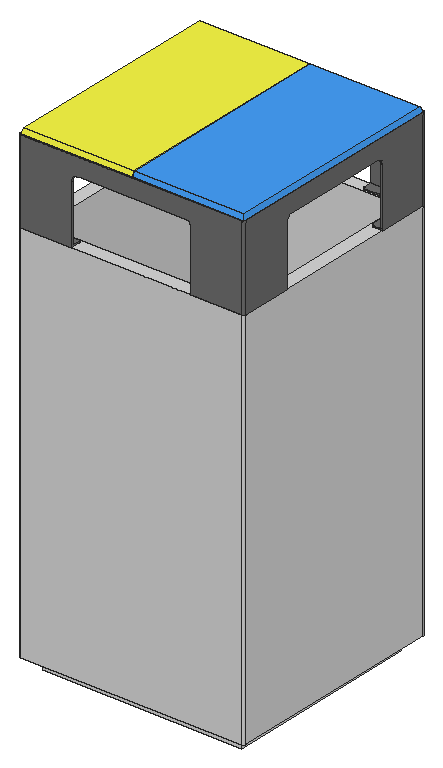
Revit family "Papelera Kube Selectif", category Furniture, Revit 2020
Family settings
  OmniClass Number = 23.40.20.00
  OmniClass Title = General Furniture and Specialties
  Work Plane-Based = No
  Always vertical = Yes
  Cut with Voids When Loaded = No
  Shared = No
  Room Calculation Point = No
Parameters (values of type "Papelera Kube Selectif-PA672S2-510mm")
  URL Producto = ""
  Top Cover = Steel PA672SAZ
  Referencia = ""
  Papelera Kube Selectif-PA672S3 = no
  Papelera Kube Selectif-PA672S2 = yes
  Papelera Kube Selctif = no
  Material = none
  H = 0.000 m
  Ficha Tecnica = ""
  Fabricante = ""
  Default Elevation = 0.000 m
  B = 0.000 m
  A = 0.000 m
Types (6, lengths in m): name | Top Cover | Papelera Kube Selectif-PA672S3 | Papelera Kube Selectif-PA672S2 | Papelera Kube Selctif | H | B | A
  Papelera Kube Selectif-PA672SV-510mm | Steel PA672SV | no | no | yes | 1.100 | 0.510 | 0.510
  Papelera Kube Selectif-PA672SM-510mm | Steel PA672SM | no | no | yes | 0.000 | 0.000 | 0.000
  Papelera Kube Selectif-PA672SAZ-510mm | Steel PA672SAZ | no | no | yes | 0.000 | 0.000 | 0.000
  Papelera Kube Selectif-PA672SA-510mm | Steel PA672SA | no | no | yes | 0.000 | 0.000 | 0.000
  Papelera Kube Selectif-PA672S2-510mm | Steel PA672SAZ | no | yes | no | 0.000 | 0.000 | 0.000
  Papelera Kube Selectif-PA672S3-510mm | Steel PA672SAZ | yes | no | no | 0.000 | 0.000 | 0.000
Reference planes (m)
  plane 1 "Center (Front/Back)": y = 0
  plane 2: z = 0
  plane 3 "Center (Left/Right)": x = 0
Dimensions and locks (m)
  aligned and locked: level to plane 2
Nested families (m)
  nested 1: "Papelera Kube Selctif-PA672SV" at (0, 0, 0), visible <- "Papelera Kube Selctif", type "Papelera Kube Selctif-PA672SV"
  nested 2: "Papelera Kube Selctif-PA672S2" at (0, 0, 0), visible <- "Papelera Kube Selectif-PA672S2", type "Papelera Kube Selctif-PA672S2"
  nested 3: "Papelera Kube Selctif-PA672S3" at (0, 0, 0) x (-1, 0, 0) z (0, 0, 1), visible <- "Papelera Kube Selectif-PA672S3", type "Papelera Kube Selctif-PA672S3"
Definition of nested family "Papelera Kube Selctif-PA672SV"
  Parameters (values of type "Papelera Kube Selctif-PA672SV")
    Top Cover = none
    Default Elevation = 0.000 m
  Reference planes (m)
    plane 1 "Center (Front/Back)": y = 0
    plane 2: z = 0
    plane 3 "Center (Left/Right)": x = 0
    plane 4: z = 0.03
    plane 5: z = 1.1
    plane 6: z = 0.9
    plane 7: y = 0.255
    plane 8: y = 0.135
    plane 9: x = -0.255
    plane 10: x = -0.135
    plane 11: y = 0.255
    plane 12: y = 0.135
    plane 13: x = 0.255
    plane 14: x = 0.135
    plane 15: y = -0.255
    plane 16: y = -0.135
    plane 17: x = -0.255
    plane 18: x = -0.135
    plane 19: y = -0.255
    plane 20: y = -0.135
    plane 21: x = 0.255
    plane 22: x = 0.135
  Forms (m)
    Extrusion 1, solid
      sketch origin (1.109556, -0.573747, 0) x (1, 0, 0) y (0, 1, 0)
        loop
          arc (-1.359556, 0.828747) -> (-1.363091, 0.827282) -> (-1.364556, 0.823747) r 0.005
          line (-1.364556, 0.823747) -> (-1.364556, 0.323747)
          arc (-1.364556, 0.323747) -> (-1.363091, 0.320211) -> (-1.359556, 0.318747) r 0.005
          line (-1.359556, 0.318747) -> (-0.859556, 0.318747)
          arc (-0.859556, 0.318747) -> (-0.85602, 0.320211) -> (-0.854556, 0.323747) r 0.005
          line (-0.854556, 0.323747) -> (-0.854556, 0.823747)
          arc (-0.854556, 0.823747) -> (-0.85602, 0.827282) -> (-0.859556, 0.828747) r 0.005
          line (-0.859556, 0.828747) -> (-1.359556, 0.828747)
        loop
          line (-1.334556, 0.798747) -> (-1.334556, 0.348747) -> (-0.884556, 0.348747) -> (-0.884556, 0.798747) -> (-1.334556, 0.798747)
      from 0.03 to 0.9
    Extrusion 2, solid
      sketch origin (0, 0, 0) x (1, 0, 0) y (0, 1, 0)
        loop
          line (-0.225, 0.225) -> (-0.225, -0.225) -> (0.225, -0.225) -> (0.225, 0.225) -> (-0.225, 0.225)
      from 0 to 0.03
    Extrusion 3, solid, material <- "Top Cover"
      sketch origin (0, 0, 0.001) x (1, 0, 0) y (0, 1, 0)
        loop
          line (-0.135, 0.255) -> (-0.25, 0.255)
          arc (-0.25, 0.255) -> (-0.253536, 0.253536) -> (-0.255, 0.25) r 0.005
          line (-0.255, 0.25) -> (-0.255, 0.135) -> (-0.235, 0.135)
          arc (-0.235, 0.135) -> (-0.231464, 0.136464) -> (-0.23, 0.14) r 0.005
          line (-0.23, 0.14) -> (-0.23, 0.225)
          arc (-0.23, 0.225) -> (-0.228536, 0.228536) -> (-0.225, 0.23) r 0.005
          line (-0.225, 0.23) -> (-0.14, 0.23)
          arc (-0.14, 0.23) -> (-0.136464, 0.231464) -> (-0.135, 0.235) r 0.005
          line (-0.135, 0.235) -> (-0.135, 0.255)
      from 0.9 to 0.903
    Blend 4, solid, material <- "Top Cover"
      base sketch origin (0, 0, 0) x (1, 0, 0) y (0, 1, 0)
        loop
          arc (0.25, -0.255) -> (0.253536, -0.253536) -> (0.255, -0.25) r 0.005
          line (0.255, -0.25) -> (0.255, 0.25)
          arc (0.255, 0.25) -> (0.253536, 0.253536) -> (0.25, 0.255) r 0.005
          line (0.25, 0.255) -> (-0.25, 0.255)
          arc (-0.25, 0.255) -> (-0.253536, 0.253536) -> (-0.255, 0.25) r 0.005
          line (-0.255, 0.25) -> (-0.255, -0.25)
          arc (-0.255, -0.25) -> (-0.253536, -0.253536) -> (-0.25, -0.255) r 0.005
          line (-0.25, -0.255) -> (0.25, -0.255)
      top sketch origin (0, 0, 0) x (1, 0, 0) y (0, 1, 0)
        loop
          arc (-0.25, -0.245) -> (-0.248536, -0.248536) -> (-0.245, -0.25) r 0.005
          line (-0.245, -0.25) -> (0.245, -0.25)
          arc (0.245, -0.25) -> (0.248536, -0.248536) -> (0.25, -0.245) r 0.005
          line (0.25, -0.245) -> (0.25, 0.245)
          arc (0.25, 0.245) -> (0.248536, 0.248536) -> (0.245, 0.25) r 0.005
          line (0.245, 0.25) -> (-0.245, 0.25)
          arc (-0.245, 0.25) -> (-0.248536, 0.248536) -> (-0.25, 0.245) r 0.005
          line (-0.25, 0.245) -> (-0.25, -0.245)
      from 1.089413 to 1.1
    Extrusion 5, solid, material <- "Top Cover"
      sketch origin (0, 0, 0) x (1, 0, 0) y (0, 1, 0)
        loop
          line (0.25, 0.255) -> (-0.25, 0.255)
          arc (-0.25, 0.255) -> (-0.253536, 0.253536) -> (-0.255, 0.25) r 0.005
          line (-0.255, 0.25) -> (-0.255, -0.25)
          arc (-0.255, -0.25) -> (-0.253536, -0.253536) -> (-0.25, -0.255) r 0.005
          line (-0.25, -0.255) -> (0.25, -0.255)
          arc (0.25, -0.255) -> (0.253536, -0.253536) -> (0.255, -0.25) r 0.005
          line (0.255, -0.25) -> (0.255, 0.25)
          arc (0.255, 0.25) -> (0.253536, 0.253536) -> (0.25, 0.255) r 0.005
        loop
          arc (0.25, -0.252) -> (0.251414, -0.251414) -> (0.252, -0.25) r 0.002
          line (0.252, -0.25) -> (0.252, 0.25)
          arc (0.252, 0.25) -> (0.251414, 0.251414) -> (0.25, 0.252) r 0.002
          line (0.25, 0.252) -> (-0.25, 0.252)
          arc (-0.25, 0.252) -> (-0.251414, 0.251414) -> (-0.252, 0.25) r 0.002
          line (-0.252, 0.25) -> (-0.252, -0.25)
          arc (-0.252, -0.25) -> (-0.251414, -0.251414) -> (-0.25, -0.252) r 0.002
          line (-0.25, -0.252) -> (0.25, -0.252)
      from 0.9 to 1.089413
    Extrusion 6, void
      sketch origin (0, 0, 0) x (1, 0, 0) y (0, 0, 1)
        loop
          arc (-0.12, 1.049413) -> (-0.130607, 1.04502) -> (-0.135, 1.034413) r 0.015
          line (-0.135, 1.034413) -> (-0.135, 0.9) -> (0.135, 0.9) -> (0.135, 1.034413)
          arc (0.135, 1.034413) -> (0.130607, 1.04502) -> (0.12, 1.049413) r 0.015
          line (0.12, 1.049413) -> (0, 1.049413) -> (-0.12, 1.049413)
      from -0.256796 to -0.247598
    Extrusion 7, void
      sketch origin (0, 0, 0) x (0, 1, 0) y (0, 0, 1)
        loop
          arc (-0.12, 1.049413) -> (-0.130607, 1.04502) -> (-0.135, 1.034413) r 0.015
          line (-0.135, 1.034413) -> (-0.135, 0.9) -> (0.135, 0.9) -> (0.135, 1.034413)
          arc (0.135, 1.034413) -> (0.130607, 1.04502) -> (0.12, 1.049413) r 0.015
          line (0.12, 1.049413) -> (0, 1.049413) -> (-0.12, 1.049413)
      from 0.250247 to 0.256583
    Extrusion 8, solid, material <- "Top Cover"
      sketch origin (0, 0, 0.001) x (-1, 0, 0) y (0, -1, 0)
        loop
          line (-0.135, -0.255) -> (-0.135, -0.235)
          arc (-0.135, -0.235) -> (-0.136464, -0.231464) -> (-0.14, -0.23) r 0.005
          line (-0.14, -0.23) -> (-0.225, -0.23)
          arc (-0.225, -0.23) -> (-0.228536, -0.228536) -> (-0.23, -0.225) r 0.005
          line (-0.23, -0.225) -> (-0.23, -0.14)
          arc (-0.23, -0.14) -> (-0.231464, -0.136464) -> (-0.235, -0.135) r 0.005
          line (-0.235, -0.135) -> (-0.255, -0.135) -> (-0.255, -0.25)
          arc (-0.255, -0.25) -> (-0.253536, -0.253536) -> (-0.25, -0.255) r 0.005
          line (-0.25, -0.255) -> (-0.135, -0.255)
      from 0.9 to 0.903
    Extrusion 9, solid, material <- "Top Cover"
      sketch origin (0, 0, 0.001) x (1, 0, 0) y (0, 1, 0)
        loop
          line (-0.135, -0.255) -> (-0.135, -0.235)
          arc (-0.135, -0.235) -> (-0.136464, -0.231464) -> (-0.14, -0.23) r 0.005
          line (-0.14, -0.23) -> (-0.225, -0.23)
          arc (-0.225, -0.23) -> (-0.228536, -0.228536) -> (-0.23, -0.225) r 0.005
          line (-0.23, -0.225) -> (-0.23, -0.14)
          arc (-0.23, -0.14) -> (-0.231464, -0.136464) -> (-0.235, -0.135) r 0.005
          line (-0.235, -0.135) -> (-0.255, -0.135) -> (-0.255, -0.25)
          arc (-0.255, -0.25) -> (-0.253536, -0.253536) -> (-0.25, -0.255) r 0.005
          line (-0.25, -0.255) -> (-0.135, -0.255)
      from 0.9 to 0.903
    Extrusion 10, solid, material <- "Top Cover"
      sketch origin (0, 0, 0.001) x (-1, 0, 0) y (0, -1, 0)
        loop
          line (-0.135, 0.255) -> (-0.25, 0.255)
          arc (-0.25, 0.255) -> (-0.253536, 0.253536) -> (-0.255, 0.25) r 0.005
          line (-0.255, 0.25) -> (-0.255, 0.135) -> (-0.235, 0.135)
          arc (-0.235, 0.135) -> (-0.231464, 0.136464) -> (-0.23, 0.14) r 0.005
          line (-0.23, 0.14) -> (-0.23, 0.225)
          arc (-0.23, 0.225) -> (-0.228536, 0.228536) -> (-0.225, 0.23) r 0.005
          line (-0.225, 0.23) -> (-0.14, 0.23)
          arc (-0.14, 0.23) -> (-0.136464, 0.231464) -> (-0.135, 0.235) r 0.005
          line (-0.135, 0.235) -> (-0.135, 0.255)
      from 0.9 to 0.903
    Extrusion 11, void
      sketch origin (0, 0, 0) x (0, 1, 0) y (0, 0, -1)
        loop
          line (-0.12, -1.049413) -> (0, -1.049413) -> (0.12, -1.049413)
          arc (0.12, -1.049413) -> (0.130607, -1.04502) -> (0.135, -1.034413) r 0.015
          line (0.135, -1.034413) -> (0.135, -0.9) -> (-0.135, -0.9) -> (-0.135, -1.034413)
          arc (-0.135, -1.034413) -> (-0.130607, -1.04502) -> (-0.12, -1.049413) r 0.015
      from 0.250247 to 0.256583
    Extrusion 12, void
      sketch origin (0, 0, 0) x (1, 0, 0) y (0, 0, -1)
        loop
          line (-0.12, -1.049413) -> (0, -1.049413) -> (0.12, -1.049413)
          arc (0.12, -1.049413) -> (0.130607, -1.04502) -> (0.135, -1.034413) r 0.015
          line (0.135, -1.034413) -> (0.135, -0.9) -> (-0.135, -0.9) -> (-0.135, -1.034413)
          arc (-0.135, -1.034413) -> (-0.130607, -1.04502) -> (-0.12, -1.049413) r 0.015
      from -0.256796 to -0.247598
  Cuts and joins
    Extrusion 11, Extrusion 12 cuts Extrusion 1
    Extrusion 11, Extrusion 12 cuts Extrusion 3
    Extrusion 6, Extrusion 7, Extrusion 11, Extrusion 12 cuts Extrusion 5
    Extrusion 11, Extrusion 12 cuts Extrusion 8
    Extrusion 11 cuts Extrusion 10
    joined: Extrusion 3, Blend 4, Extrusion 5, Extrusion 8, Extrusion 9, Extrusion 10
  Dimensions and locks (m)
    Blend 4 to level = 1.100 m
    aligned and locked: level to plane 2
Definition of nested family "Papelera Kube Selctif-PA672S2"
  Parameters (values of type "Papelera Kube Selctif-PA672S2")
    Default Elevation = 0.000 m
  Reference planes (m)
    plane 1 "Center (Front/Back)": y = 0
    plane 2: z = 0
    plane 3 "Center (Left/Right)": x = 0
    plane 4: z = 0.03
    plane 5: z = 1.1
    plane 6: z = 0.9
    plane 7: y = 0.255
    plane 8: y = 0.135
    plane 9: x = -0.255
    plane 10: x = -0.135
    plane 11: y = 0.255
    plane 12: y = 0.135
    plane 13: x = 0.255
    plane 14: x = 0.135
    plane 15: y = -0.255
    plane 16: y = -0.135
    plane 17: x = -0.255
    plane 18: x = -0.135
    plane 19: y = -0.255
    plane 20: y = -0.135
    plane 21: x = 0.255
    plane 22: x = 0.135
  Forms (m)
    Extrusion 1, solid
      sketch origin (1.109556, -0.573747, 0) x (1, 0, 0) y (0, 1, 0)
        loop
          arc (-1.359556, 0.828747) -> (-1.363091, 0.827282) -> (-1.364556, 0.823747) r 0.005
          line (-1.364556, 0.823747) -> (-1.364556, 0.323747)
          arc (-1.364556, 0.323747) -> (-1.363091, 0.320211) -> (-1.359556, 0.318747) r 0.005
          line (-1.359556, 0.318747) -> (-0.859556, 0.318747)
          arc (-0.859556, 0.318747) -> (-0.85602, 0.320211) -> (-0.854556, 0.323747) r 0.005
          line (-0.854556, 0.323747) -> (-0.854556, 0.823747)
          arc (-0.854556, 0.823747) -> (-0.85602, 0.827282) -> (-0.859556, 0.828747) r 0.005
          line (-0.859556, 0.828747) -> (-1.359556, 0.828747)
        loop
          line (-1.334556, 0.798747) -> (-1.334556, 0.348747) -> (-0.884556, 0.348747) -> (-0.884556, 0.798747) -> (-1.334556, 0.798747)
      from 0.03 to 0.9
    Extrusion 2, solid
      sketch origin (0, 0, 0) x (1, 0, 0) y (0, 1, 0)
        loop
          line (-0.225, 0.225) -> (-0.225, -0.225) -> (0.225, -0.225) -> (0.225, 0.225) -> (-0.225, 0.225)
      from 0 to 0.03
    Extrusion 3, solid
      sketch origin (0, 0, 0.001) x (1, 0, 0) y (0, 1, 0)
        loop
          line (-0.135, 0.255) -> (-0.25, 0.255)
          arc (-0.25, 0.255) -> (-0.253536, 0.253536) -> (-0.255, 0.25) r 0.005
          line (-0.255, 0.25) -> (-0.255, 0.135) -> (-0.235, 0.135)
          arc (-0.235, 0.135) -> (-0.231464, 0.136464) -> (-0.23, 0.14) r 0.005
          line (-0.23, 0.14) -> (-0.23, 0.225)
          arc (-0.23, 0.225) -> (-0.228536, 0.228536) -> (-0.225, 0.23) r 0.005
          line (-0.225, 0.23) -> (-0.14, 0.23)
          arc (-0.14, 0.23) -> (-0.136464, 0.231464) -> (-0.135, 0.235) r 0.005
          line (-0.135, 0.235) -> (-0.135, 0.255)
      from 0.9 to 0.903
    Extrusion 4, solid
      sketch origin (0, 0, 0) x (1, 0, 0) y (0, 1, 0)
        loop
          line (0.25, 0.255) -> (-0.25, 0.255)
          arc (-0.25, 0.255) -> (-0.253536, 0.253536) -> (-0.255, 0.25) r 0.005
          line (-0.255, 0.25) -> (-0.255, -0.25)
          arc (-0.255, -0.25) -> (-0.253536, -0.253536) -> (-0.25, -0.255) r 0.005
          line (-0.25, -0.255) -> (0.25, -0.255)
          arc (0.25, -0.255) -> (0.253536, -0.253536) -> (0.255, -0.25) r 0.005
          line (0.255, -0.25) -> (0.255, 0.25)
          arc (0.255, 0.25) -> (0.253536, 0.253536) -> (0.25, 0.255) r 0.005
        loop
          arc (0.25, -0.252) -> (0.251414, -0.251414) -> (0.252, -0.25) r 0.002
          line (0.252, -0.25) -> (0.252, 0.25)
          arc (0.252, 0.25) -> (0.251414, 0.251414) -> (0.25, 0.252) r 0.002
          line (0.25, 0.252) -> (-0.25, 0.252)
          arc (-0.25, 0.252) -> (-0.251414, 0.251414) -> (-0.252, 0.25) r 0.002
          line (-0.252, 0.25) -> (-0.252, -0.25)
          arc (-0.252, -0.25) -> (-0.251414, -0.251414) -> (-0.25, -0.252) r 0.002
          line (-0.25, -0.252) -> (0.25, -0.252)
      from 0.9 to 1.089413
    Extrusion 5, void
      sketch origin (0, 0, 0) x (1, 0, 0) y (0, 0, 1)
        loop
          arc (-0.12, 1.049413) -> (-0.130607, 1.04502) -> (-0.135, 1.034413) r 0.015
          line (-0.135, 1.034413) -> (-0.135, 0.9) -> (0.135, 0.9) -> (0.135, 1.034413)
          arc (0.135, 1.034413) -> (0.130607, 1.04502) -> (0.12, 1.049413) r 0.015
          line (0.12, 1.049413) -> (0, 1.049413) -> (-0.12, 1.049413)
      from -0.256796 to -0.247598
    Extrusion 6, void
      sketch origin (0, 0, 0) x (0, 1, 0) y (0, 0, 1)
        loop
          arc (-0.12, 1.049413) -> (-0.130607, 1.04502) -> (-0.135, 1.034413) r 0.015
          line (-0.135, 1.034413) -> (-0.135, 0.9) -> (0.135, 0.9) -> (0.135, 1.034413)
          arc (0.135, 1.034413) -> (0.130607, 1.04502) -> (0.12, 1.049413) r 0.015
          line (0.12, 1.049413) -> (0, 1.049413) -> (-0.12, 1.049413)
      from 0.250247 to 0.256583
    Extrusion 7, solid
      sketch origin (0, 0, 0.001) x (-1, 0, 0) y (0, -1, 0)
        loop
          line (-0.135, -0.255) -> (-0.135, -0.235)
          arc (-0.135, -0.235) -> (-0.136464, -0.231464) -> (-0.14, -0.23) r 0.005
          line (-0.14, -0.23) -> (-0.225, -0.23)
          arc (-0.225, -0.23) -> (-0.228536, -0.228536) -> (-0.23, -0.225) r 0.005
          line (-0.23, -0.225) -> (-0.23, -0.14)
          arc (-0.23, -0.14) -> (-0.231464, -0.136464) -> (-0.235, -0.135) r 0.005
          line (-0.235, -0.135) -> (-0.255, -0.135) -> (-0.255, -0.25)
          arc (-0.255, -0.25) -> (-0.253536, -0.253536) -> (-0.25, -0.255) r 0.005
          line (-0.25, -0.255) -> (-0.135, -0.255)
      from 0.9 to 0.903
    Extrusion 8, solid
      sketch origin (0, 0, 0.001) x (1, 0, 0) y (0, 1, 0)
        loop
          line (-0.135, -0.255) -> (-0.135, -0.235)
          arc (-0.135, -0.235) -> (-0.136464, -0.231464) -> (-0.14, -0.23) r 0.005
          line (-0.14, -0.23) -> (-0.225, -0.23)
          arc (-0.225, -0.23) -> (-0.228536, -0.228536) -> (-0.23, -0.225) r 0.005
          line (-0.23, -0.225) -> (-0.23, -0.14)
          arc (-0.23, -0.14) -> (-0.231464, -0.136464) -> (-0.235, -0.135) r 0.005
          line (-0.235, -0.135) -> (-0.255, -0.135) -> (-0.255, -0.25)
          arc (-0.255, -0.25) -> (-0.253536, -0.253536) -> (-0.25, -0.255) r 0.005
          line (-0.25, -0.255) -> (-0.135, -0.255)
      from 0.9 to 0.903
    Extrusion 9, solid
      sketch origin (0, 0, 0.001) x (-1, 0, 0) y (0, -1, 0)
        loop
          line (-0.135, 0.255) -> (-0.25, 0.255)
          arc (-0.25, 0.255) -> (-0.253536, 0.253536) -> (-0.255, 0.25) r 0.005
          line (-0.255, 0.25) -> (-0.255, 0.135) -> (-0.235, 0.135)
          arc (-0.235, 0.135) -> (-0.231464, 0.136464) -> (-0.23, 0.14) r 0.005
          line (-0.23, 0.14) -> (-0.23, 0.225)
          arc (-0.23, 0.225) -> (-0.228536, 0.228536) -> (-0.225, 0.23) r 0.005
          line (-0.225, 0.23) -> (-0.14, 0.23)
          arc (-0.14, 0.23) -> (-0.136464, 0.231464) -> (-0.135, 0.235) r 0.005
          line (-0.135, 0.235) -> (-0.135, 0.255)
      from 0.9 to 0.903
    Extrusion 10, void
      sketch origin (0, 0, 0) x (0, 1, 0) y (0, 0, -1)
        loop
          line (-0.12, -1.049413) -> (0, -1.049413) -> (0.12, -1.049413)
          arc (0.12, -1.049413) -> (0.130607, -1.04502) -> (0.135, -1.034413) r 0.015
          line (0.135, -1.034413) -> (0.135, -0.9) -> (-0.135, -0.9) -> (-0.135, -1.034413)
          arc (-0.135, -1.034413) -> (-0.130607, -1.04502) -> (-0.12, -1.049413) r 0.015
      from 0.250247 to 0.256583
    Extrusion 11, void
      sketch origin (0, 0, 0) x (1, 0, 0) y (0, 0, -1)
        loop
          line (-0.12, -1.049413) -> (0, -1.049413) -> (0.12, -1.049413)
          arc (0.12, -1.049413) -> (0.130607, -1.04502) -> (0.135, -1.034413) r 0.015
          line (0.135, -1.034413) -> (0.135, -0.9) -> (-0.135, -0.9) -> (-0.135, -1.034413)
          arc (-0.135, -1.034413) -> (-0.130607, -1.04502) -> (-0.12, -1.049413) r 0.015
      from -0.256796 to -0.247598
    Blend 12, solid
      base sketch origin (0, 0, 0) x (1, 0, 0) y (0, 1, 0)
        loop
          line (-0.252, -0.252) -> (-0.000313, -0.252) -> (-0.000312, 0.252) -> (-0.252, 0.252) -> (-0.252, -0.252)
      top sketch origin (0, 0, 0) x (1, 0, 0) y (0, 1, 0)
        loop
          line (-0.248501, 0.248271) -> (-0.248501, -0.24825) -> (-0.000313, -0.24825) -> (-0.000312, 0.248271) -> (-0.248501, 0.248271)
      from 1.089413 to 1.1
    Blend 13, solid
      base sketch origin (0, 0, 0) x (-1, 0, 0) y (0, -1, 0)
        loop
          line (-0.252, 0.252) -> (-0.252, -0.252) -> (-0.000312, -0.252) -> (-0.000313, 0.252) -> (-0.252, 0.252)
      top sketch origin (0, 0, 0) x (-1, 0, 0) y (0, -1, 0)
        loop
          line (-0.248501, -0.248271) -> (-0.000312, -0.248271) -> (-0.000313, 0.24825) -> (-0.248501, 0.24825) -> (-0.248501, -0.248271)
      from 1.089413 to 1.1
  Cuts and joins
    Extrusion 10, Extrusion 11 cuts Extrusion 1
    Extrusion 10, Extrusion 11 cuts Extrusion 3
    Extrusion 5, Extrusion 6, Extrusion 10, Extrusion 11 cuts Extrusion 4
    Extrusion 10, Extrusion 11 cuts Extrusion 7
    Extrusion 10 cuts Extrusion 9
    joined: Extrusion 3, Extrusion 4, Extrusion 7, Extrusion 8, Extrusion 9
  Dimensions and locks (m)
    aligned and locked: level to plane 2
Definition of nested family "Papelera Kube Selctif-PA672S3"
  Parameters (values of type "Papelera Kube Selctif-PA672S3")
    Default Elevation = 0.000 m
  Reference planes (m)
    plane 1 "Center (Front/Back)": y = 0
    plane 2: z = 0
    plane 3 "Center (Left/Right)": x = 0
    plane 4: z = 1.1
    plane 5: y = 0.255
    plane 6: y = 0.135
    plane 7: x = -0.255
    plane 8: x = -0.135
    plane 9: y = 0.255
    plane 10: y = 0.135
    plane 11: x = 0.255
    plane 12: x = 0.135
    plane 13: y = -0.255
    plane 14: y = -0.135
    plane 15: x = -0.255
    plane 16: x = -0.135
    plane 17: y = -0.255
    plane 18: y = -0.135
    plane 19: x = 0.255
    plane 20: x = 0.135
  Forms (m)
    Extrusion 1, solid
      sketch origin (1.109556, -0.573747, 0) x (1, 0, 0) y (0, 1, 0)
        loop
          arc (-1.359556, 0.828747) -> (-1.363091, 0.827282) -> (-1.364556, 0.823747) r 0.005
          line (-1.364556, 0.823747) -> (-1.364556, 0.323747)
          arc (-1.364556, 0.323747) -> (-1.363091, 0.320211) -> (-1.359556, 0.318747) r 0.005
          line (-1.359556, 0.318747) -> (-0.859556, 0.318747)
          arc (-0.859556, 0.318747) -> (-0.85602, 0.320211) -> (-0.854556, 0.323747) r 0.005
          line (-0.854556, 0.323747) -> (-0.854556, 0.823747)
          arc (-0.854556, 0.823747) -> (-0.85602, 0.827282) -> (-0.859556, 0.828747) r 0.005
          line (-0.859556, 0.828747) -> (-1.359556, 0.828747)
        loop
          line (-1.334556, 0.798747) -> (-1.334556, 0.348747) -> (-0.884556, 0.348747) -> (-0.884556, 0.798747) -> (-1.334556, 0.798747)
      from 0.03 to 0.9
    Extrusion 2, solid
      sketch origin (0, 0, 0) x (1, 0, 0) y (0, 1, 0)
        loop
          line (-0.225, 0.225) -> (-0.225, -0.225) -> (0.225, -0.225) -> (0.225, 0.225) -> (-0.225, 0.225)
      from 0 to 0.03
    Extrusion 3, solid
      sketch origin (0, 0, 0.001) x (1, 0, 0) y (0, 1, 0)
        loop
          line (-0.135, 0.255) -> (-0.25, 0.255)
          arc (-0.25, 0.255) -> (-0.253536, 0.253536) -> (-0.255, 0.25) r 0.005
          line (-0.255, 0.25) -> (-0.255, 0.135) -> (-0.235, 0.135)
          arc (-0.235, 0.135) -> (-0.231464, 0.136464) -> (-0.23, 0.14) r 0.005
          line (-0.23, 0.14) -> (-0.23, 0.225)
          arc (-0.23, 0.225) -> (-0.228536, 0.228536) -> (-0.225, 0.23) r 0.005
          line (-0.225, 0.23) -> (-0.14, 0.23)
          arc (-0.14, 0.23) -> (-0.136464, 0.231464) -> (-0.135, 0.235) r 0.005
          line (-0.135, 0.235) -> (-0.135, 0.255)
      from 0.9 to 0.903
    Extrusion 4, solid
      sketch origin (0, 0, 0) x (1, 0, 0) y (0, 1, 0)
        loop
          line (0.25, 0.255) -> (-0.25, 0.255)
          arc (-0.25, 0.255) -> (-0.253536, 0.253536) -> (-0.255, 0.25) r 0.005
          line (-0.255, 0.25) -> (-0.255, -0.25)
          arc (-0.255, -0.25) -> (-0.253536, -0.253536) -> (-0.25, -0.255) r 0.005
          line (-0.25, -0.255) -> (0.25, -0.255)
          arc (0.25, -0.255) -> (0.253536, -0.253536) -> (0.255, -0.25) r 0.005
          line (0.255, -0.25) -> (0.255, 0.25)
          arc (0.255, 0.25) -> (0.253536, 0.253536) -> (0.25, 0.255) r 0.005
        loop
          arc (0.25, -0.252) -> (0.251414, -0.251414) -> (0.252, -0.25) r 0.002
          line (0.252, -0.25) -> (0.252, 0.25)
          arc (0.252, 0.25) -> (0.251414, 0.251414) -> (0.25, 0.252) r 0.002
          line (0.25, 0.252) -> (-0.25, 0.252)
          arc (-0.25, 0.252) -> (-0.251414, 0.251414) -> (-0.252, 0.25) r 0.002
          line (-0.252, 0.25) -> (-0.252, -0.25)
          arc (-0.252, -0.25) -> (-0.251414, -0.251414) -> (-0.25, -0.252) r 0.002
          line (-0.25, -0.252) -> (0.25, -0.252)
      from 0.9 to 1.089413
    Extrusion 5, void
      sketch origin (0, 0, 0) x (1, 0, 0) y (0, 0, 1)
        loop
          arc (-0.12, 1.049413) -> (-0.130607, 1.04502) -> (-0.135, 1.034413) r 0.015
          line (-0.135, 1.034413) -> (-0.135, 0.9) -> (0.135, 0.9) -> (0.135, 1.034413)
          arc (0.135, 1.034413) -> (0.130607, 1.04502) -> (0.12, 1.049413) r 0.015
          line (0.12, 1.049413) -> (0, 1.049413) -> (-0.12, 1.049413)
      from -0.256796 to -0.247598
    Extrusion 6, void
      sketch origin (0, 0, 0) x (0, 1, 0) y (0, 0, 1)
        loop
          arc (-0.12, 1.049413) -> (-0.130607, 1.04502) -> (-0.135, 1.034413) r 0.015
          line (-0.135, 1.034413) -> (-0.135, 0.9) -> (0.135, 0.9) -> (0.135, 1.034413)
          arc (0.135, 1.034413) -> (0.130607, 1.04502) -> (0.12, 1.049413) r 0.015
          line (0.12, 1.049413) -> (0, 1.049413) -> (-0.12, 1.049413)
      from 0.250247 to 0.256583
    Extrusion 7, solid
      sketch origin (0, 0, 0.001) x (-1, 0, 0) y (0, -1, 0)
        loop
          line (-0.135, -0.255) -> (-0.135, -0.235)
          arc (-0.135, -0.235) -> (-0.136464, -0.231464) -> (-0.14, -0.23) r 0.005
          line (-0.14, -0.23) -> (-0.225, -0.23)
          arc (-0.225, -0.23) -> (-0.228536, -0.228536) -> (-0.23, -0.225) r 0.005
          line (-0.23, -0.225) -> (-0.23, -0.14)
          arc (-0.23, -0.14) -> (-0.231464, -0.136464) -> (-0.235, -0.135) r 0.005
          line (-0.235, -0.135) -> (-0.255, -0.135) -> (-0.255, -0.25)
          arc (-0.255, -0.25) -> (-0.253536, -0.253536) -> (-0.25, -0.255) r 0.005
          line (-0.25, -0.255) -> (-0.135, -0.255)
      from 0.9 to 0.903
    Extrusion 8, solid
      sketch origin (0, 0, 0.001) x (1, 0, 0) y (0, 1, 0)
        loop
          line (-0.135, -0.255) -> (-0.135, -0.235)
          arc (-0.135, -0.235) -> (-0.136464, -0.231464) -> (-0.14, -0.23) r 0.005
          line (-0.14, -0.23) -> (-0.225, -0.23)
          arc (-0.225, -0.23) -> (-0.228536, -0.228536) -> (-0.23, -0.225) r 0.005
          line (-0.23, -0.225) -> (-0.23, -0.14)
          arc (-0.23, -0.14) -> (-0.231464, -0.136464) -> (-0.235, -0.135) r 0.005
          line (-0.235, -0.135) -> (-0.255, -0.135) -> (-0.255, -0.25)
          arc (-0.255, -0.25) -> (-0.253536, -0.253536) -> (-0.25, -0.255) r 0.005
          line (-0.25, -0.255) -> (-0.135, -0.255)
      from 0.9 to 0.903
    Extrusion 9, solid
      sketch origin (0, 0, 0.001) x (-1, 0, 0) y (0, -1, 0)
        loop
          line (-0.135, 0.255) -> (-0.25, 0.255)
          arc (-0.25, 0.255) -> (-0.253536, 0.253536) -> (-0.255, 0.25) r 0.005
          line (-0.255, 0.25) -> (-0.255, 0.135) -> (-0.235, 0.135)
          arc (-0.235, 0.135) -> (-0.231464, 0.136464) -> (-0.23, 0.14) r 0.005
          line (-0.23, 0.14) -> (-0.23, 0.225)
          arc (-0.23, 0.225) -> (-0.228536, 0.228536) -> (-0.225, 0.23) r 0.005
          line (-0.225, 0.23) -> (-0.14, 0.23)
          arc (-0.14, 0.23) -> (-0.136464, 0.231464) -> (-0.135, 0.235) r 0.005
          line (-0.135, 0.235) -> (-0.135, 0.255)
      from 0.9 to 0.903
    Extrusion 10, void
      sketch origin (0, 0, 0) x (0, 1, 0) y (0, 0, -1)
        loop
          line (-0.12, -1.049413) -> (0, -1.049413) -> (0.12, -1.049413)
          arc (0.12, -1.049413) -> (0.130607, -1.04502) -> (0.135, -1.034413) r 0.015
          line (0.135, -1.034413) -> (0.135, -0.9) -> (-0.135, -0.9) -> (-0.135, -1.034413)
          arc (-0.135, -1.034413) -> (-0.130607, -1.04502) -> (-0.12, -1.049413) r 0.015
      from 0.250247 to 0.256583
    Extrusion 11, void
      sketch origin (0, 0, 0) x (1, 0, 0) y (0, 0, -1)
        loop
          line (-0.12, -1.049413) -> (0, -1.049413) -> (0.12, -1.049413)
          arc (0.12, -1.049413) -> (0.130607, -1.04502) -> (0.135, -1.034413) r 0.015
          line (0.135, -1.034413) -> (0.135, -0.9) -> (-0.135, -0.9) -> (-0.135, -1.034413)
          arc (-0.135, -1.034413) -> (-0.130607, -1.04502) -> (-0.12, -1.049413) r 0.015
      from -0.256796 to -0.247598
    Blend 12, solid
      base sketch origin (0, 0, 0) x (1, 0, 0) y (0, 1, 0)
        loop
          line (-0.252, 0.252) -> (0, 0) -> (0.252, 0.252) -> (0, 0.252) -> (-0.252, 0.252)
      top sketch origin (0, 0, 0) x (1, 0, 0) y (0, 1, 0)
        loop
          line (-0.225, 0.225) -> (0, 0) -> (0.225, 0.225) -> (-0.225, 0.225)
      from 1.089413 to 1.1
    Blend 13, solid
      base sketch origin (0, 0, 0) x (1, 0, 0) y (0, 1, 0)
        loop
          line (0.00002, 0.000017) -> (0.00002, -0.252001) -> (0.252, -0.252001) -> (0.252, 0.251998) -> (0.00002, 0.000017)
      top sketch origin (0, 0, 0) x (1, 0, 0) y (0, 1, 0)
        loop
          line (0.225, 0.224998) -> (0.00002, 0.000017) -> (0.00002, -0.225) -> (0.225, -0.225) -> (0.225, 0.224998)
      from 1.089413 to 1.1
    Blend 14, solid
      base sketch origin (0, 0, 0) x (-1, 0, 0) y (0, -1, 0)
        loop
          line (0.00002, -0.000017) -> (0.252, -0.251998) -> (0.252, 0.252001) -> (0.00002, 0.252001) -> (0.00002, -0.000017)
      top sketch origin (0, 0, 0) x (-1, 0, 0) y (0, -1, 0)
        loop
          line (0.225, -0.224998) -> (0.225, 0.225) -> (0.00002, 0.225) -> (0.00002, -0.000017) -> (0.225, -0.224998)
      from 1.089413 to 1.1
  Cuts and joins
    Extrusion 10, Extrusion 11 cuts Extrusion 1
    Extrusion 10, Extrusion 11 cuts Extrusion 3
    Extrusion 5, Extrusion 6, Extrusion 10, Extrusion 11 cuts Extrusion 4
    Extrusion 10, Extrusion 11 cuts Extrusion 7
    Extrusion 10 cuts Extrusion 9
    joined: Extrusion 3, Extrusion 4, Extrusion 7, Extrusion 8, Extrusion 9
  Dimensions and locks (m)
    aligned and locked: level to plane 2
